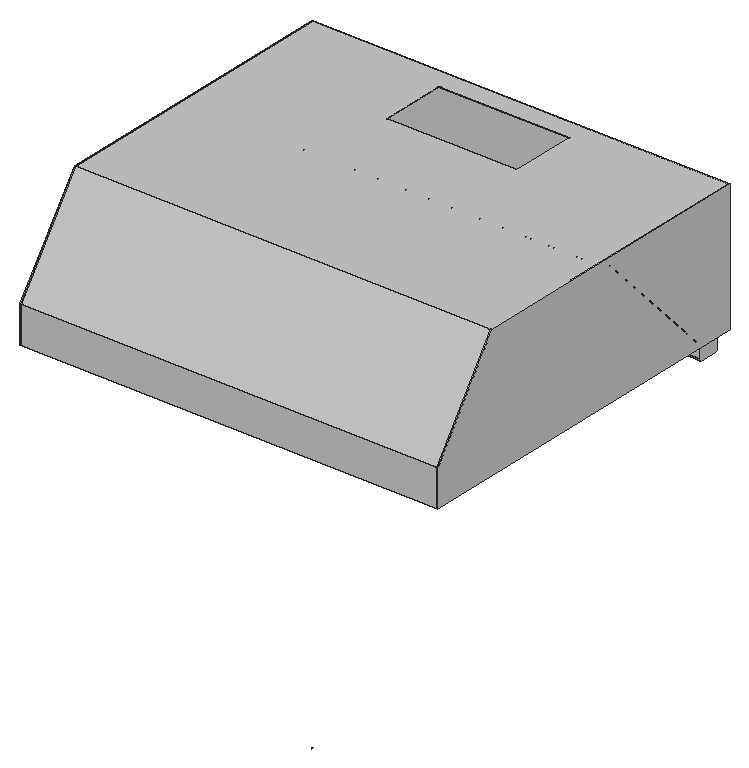
Revit family "QF_ELECTROLUXPROFESSIONAL_642158_BP1416BT", category Specialty Equipment, Revit 2014
Reference planes
  plane 1: z = 0
  plane 2 "Center (Left/Right)": x = 150
  plane 3 "LEFT": x = -650
  plane 4 "RIGHT": x = 950
  plane 5 "BACK": y = 550
  plane 6 "TOP": z = 2500
  plane 7 "Base": z = 2000
  plane 8: z = 1926
  plane 9 "DrainY": y = 485
  plane 10: x = -647
  plane 11: through (0, 414.509, 2000.8) normal (0, 0.7314, 0.682)
  plane 12: y = 470
  plane 13: y = 220
  plane 14 "DrainX": x = 832
  plane 15: x = 400
  plane 16: x = -100
  plane 17: x = 947
  plane 18: x = 742
  plane 19: x = 922
  plane 20: x = -610
  plane 21: x = -410
  plane 22: x = -10
  plane 23: x = 910
  plane 24: x = 710
  plane 25: x = 310
  plane 26: z = 2140
  plane 27: y = -590
  plane 28 "Center (Front/Back)": y = -150
  plane 29 "Front": y = -850
Forms (mm)
  Extrusion 1, solid, material "QF_Finishes_Stainless Steel"
    sketch origin (-650, 0, 360) x (0, 1, 0) y (0, 0, 1)
      loop
        line (550, 1640) -> (550, 2140) -> (-590, 2140) -> (-850, 1780) -> (-850, 1640) -> (550, 1640)
    from 0 to 3
  Extrusion 2, solid, material "QF_Finishes_Stainless Steel"
    sketch origin (150, 0, 360) x (0, 1, 0) y (0, 0, 1)
      loop
        line (415.255, 1640) -> (550, 1640) -> (550, 2139.19) -> (549.2, 2139.19) -> (549.2, 1640.8) -> (415.876, 1640.8) -> (339.347, 1722.867) -> (349.609, 1732.436) -> (348.927, 1733.167) -> (337.934, 1722.917) -> (415.255, 1640)
      loop
        line (-82.203, 2139.19) -> (-82.203, 2118.6) -> (-31.047, 2118.6) -> (34.354, 2048.466) -> (46.028, 2059.352) -> (45.346, 2060.083) -> (34.403, 2049.879) -> (-30.612, 2119.6) -> (-81.203, 2119.6) -> (-81.203, 2139.19) -> (-82.203, 2139.19)
    from -797 to 797
  Extrusion 3, solid, material "QF_Finishes_Stainless Steel"
    sketch origin (950, 0, 360) x (0, 1, 0) y (0, 0, 1)
      loop
        line (550, 1640) -> (550, 2140) -> (-590, 2140) -> (-850, 1780) -> (-850, 1640) -> (550, 1640)
    from 0 to -3
  Extrusion 4, solid, material "QF_Finishes_Stainless Steel"
    sketch origin (150, 0, 360) x (0, 1, 0) y (0, 0, 1)
      loop
        line (550, 2139.19) -> (550, 2140) -> (-590, 2140) -> (-850, 1780) -> (-850, 1640) -> (-849.2, 1640) -> (-849.2, 1779.741) -> (-589.598, 2139.19) -> (550, 2139.19)
    from -800 to 800
  Extrusion 5, solid, material "QF_Finishes_Stainless Steel"
    sketch origin (150, 0, 360) x (0, 1, 0) y (0, 0, 1)
      loop
        line (534, 1640) -> (436, 1640) -> (436, 1627) -> (443.5, 1627) -> (443.5, 1576)
        arc (443.5, 1576) -> (446.429, 1568.929) -> (453.5, 1566) r 10
        line (453.5, 1566) -> (516.5, 1566)
        arc (516.5, 1566) -> (523.571, 1568.929) -> (526.5, 1576) r 10
        line (526.5, 1576) -> (526.5, 1627) -> (534, 1627) -> (534, 1640)
    from 592 to 772
  Extrusion 6, solid, material "QF_Finishes_Stainless Steel"
    sketch origin (0, 0, 2000) x (0, 1, 0) y (-1, 0, 0)
      loop
        circle (485, -832) r 20
    from -76 to -74
  Extrusion 7, solid, material "QF_Finished_Chrome"
    sketch origin (150, 0, 360) x (0, 1, 0) y (0, 0, 1)
      loop
        line (337.934, 1722.917) -> (341.591, 1726.327) -> (38.011, 2051.876) -> (34.354, 2048.466) -> (337.934, 1722.917)
    from 160 to -160
  Extrusion 8, solid, material "QF_Finishes_Stainless Steel"
    sketch origin (150, 0, 360) x (0, 1, 0) y (0, 0, 1)
      loop
        line (337.934, 1722.917) -> (341.591, 1726.327) -> (38.011, 2051.876) -> (34.354, 2048.466) -> (337.934, 1722.917)
    from 797 to 760
  Extrusion 9, solid, material "QF_Finishes_Stainless Steel"
    sketch origin (150, 0, 360) x (0, 1, 0) y (0, 0, 1)
      loop
        line (341.588, 1726.324) -> (38.009, 2051.874) -> (34.354, 2048.466) -> (337.934, 1722.917) -> (341.588, 1726.324)
    from -560 to -160
  Extrusion 10, void
    sketch origin (700, 0, 2500) x (0, 1, 0) y (-1, 0, 0)
      loop
        line (470, 800) -> (220, 800) -> (220, 300) -> (470, 300) -> (470, 800)
    from 0 to -10
  Extrusion 11, solid, material "QF_Finishes_Stainless Steel"
    sketch origin (0, 0, 0) x (1, 0, 0) y (0, 1, 0)
      loop
        line (-650, 550) -> (-650, 549) -> (-649, 549) -> (-649, 550) -> (-650, 550)
    from 0 to 1
  Extrusion 12, solid, material "QF_Finishes_Stainless Steel"
    sketch origin (150, 0, 360) x (0, 1, 0) y (0, 0, 1)
      loop
        line (337.934, 1722.917) -> (341.591, 1726.327) -> (38.011, 2051.876) -> (34.354, 2048.466) -> (337.934, 1722.917)
    from -760 to -797
  Extrusion 13, solid, material "QF_Finishes_Stainless Steel"
    sketch origin (150, 0, 360) x (0, 1, 0) y (0, 0, -1)
      loop
        line (341.588, -1726.324) -> (337.934, -1722.917) -> (34.354, -2048.466) -> (38.009, -2051.874) -> (341.588, -1726.324)
    from -560 to -160
  Extrusion 14, solid, material "QF_Finished_Chrome"
    sketch origin (150, 0, 360) x (0, 1, 0) y (0, 0, 1)
      loop
        line (337.934, 1722.917) -> (341.591, 1726.327) -> (38.011, 2051.876) -> (34.354, 2048.466) -> (337.934, 1722.917)
    from -560 to -760
  Extrusion 15, solid, material "QF_Finished_Chrome"
    sketch origin (150, 0, 360) x (0, 1, 0) y (0, 0, 1)
      loop
        line (337.934, 1722.917) -> (341.591, 1726.327) -> (38.011, 2051.876) -> (34.354, 2048.466) -> (337.934, 1722.917)
    from 760 to 560
Cuts and joins
  Extrusion 10 cuts Extrusion 4
  joined: Extrusion 2, Extrusion 4
Lines and regions (mm)
  symbolic lines, style "SpecialityEquipment", detail levels coarse
    curve 1: line (950, 550, 2500) -> (-650, 550, 2500)
    curve 2: line (-650, 550, 2500) -> (-650, -850, 2500)
    curve 3: line (950, -850, 2500) -> (950, 550, 2500)
    curve 4: line (-100, 220, 2500) -> (400, 220, 2500)
    curve 5: line (-100, 470, 2500) -> (-100, 220, 2500)
    curve 6: line (400, 470, 2500) -> (-100, 470, 2500)
    curve 7: line (400, 220, 2500) -> (400, 470, 2500)
    curve 8: line (-650, -590, 0) -> (950, -590, 0)
    curve 9: line (-650, 550, 0) -> (950, -590, 0)
    curve 10: line (950, 550, 0) -> (-650, -590, 0)
    curve 11: line (-650, -850, 2500) -> (950, -850, 2500)
Dimensions and locks
  plane 3 "LEFT" to plane 4 "RIGHT" = 1600 mm
  equal spacing: plane 3 "LEFT", plane 2 "Center (Left/Right)", plane 4 "RIGHT"
  locked: plane 6 "TOP" to plane 7 "Base" at 500
  plane 7 "Base" to plane 8 = 74 mm
  plane 5 "BACK" to plane 9 "DrainY" = 65 mm  (x2)
  plane 3 "LEFT" to plane 10 = 3 mm
  plane 5 "BACK" to plane 12 = 80 mm
  plane 12 to plane 13 = 250 mm  (x2)
  plane 14 "DrainX" to plane 4 "RIGHT" = 118 mm
  plane 17 to plane 4 "RIGHT" = 3 mm
  locked: plane 18 to plane 14 "DrainX" at 90
  locked: plane 14 "DrainX" to plane 19 at 90
  plane 12 to plane 5 "BACK" = 80 mm
  plane 26 to plane 7 "Base" = 140 mm
  locked: plane 7 "Base" to level at 2000
  plane 5 "BACK" to plane 29 "Front" = 1400 mm  (x2)
  equal spacing: plane 5 "BACK", plane 28 "Center (Front/Back)", plane 29 "Front"
  locked: plane 16 to plane 15 at 500
  equal spacing: plane 22, plane 2 "Center (Left/Right)", plane 25
  equal spacing: plane 16, plane 2 "Center (Left/Right)", plane 15
  locked: plane 22 to plane 25 at 320
  locked: plane 3 "LEFT" to plane 20 at 40
  locked: plane 23 to plane 4 "RIGHT" at 40
  plane 21 to plane 22 = 400 mm
  plane 25 to plane 24 = 400 mm
  plane 20 to plane 21 = 200 mm
  plane 24 to plane 23 = 200 mm
  aligned and locked: level to plane 1
  aligned and locked: Extrusion 2 to Extrusion 1
  aligned and locked: Extrusion 2 to Extrusion 3
  aligned and locked: plane 4 "RIGHT" to Extrusion 4
  aligned and locked: Extrusion 4 to plane 3 "LEFT"
  aligned and locked: plane 17 to Extrusion 8
  aligned and locked: plane 16 to Extrusion 10
  aligned and locked: Extrusion 10 to plane 15
  aligned and locked: Extrusion 10 to plane 13
  aligned and locked: Extrusion 10 to plane 12
  aligned and locked: plane 19 to Extrusion 5
  aligned and locked: Extrusion 5 to plane 18
  aligned and locked: Extrusion 8 to plane 23
  aligned and locked: Extrusion 7 to plane 25
  aligned and locked: Extrusion 7 to plane 22
  aligned and locked: plane 22 to Extrusion 9
  aligned and locked: Extrusion 9 to plane 21
  aligned and locked: Extrusion 12 to plane 10
  aligned and locked: plane 20 to Extrusion 12
  aligned and locked: Extrusion 13 to plane 25
  aligned and locked: Extrusion 13 to plane 24
  aligned and locked: Extrusion 3 to plane 17
  aligned and locked: plane 21 to Extrusion 14
  aligned and locked: Extrusion 14 to plane 20
  aligned and locked: Extrusion 15 to plane 23
  aligned and locked: Extrusion 15 to plane 24
Automatic sketch dimensions
  curve 10 to plane 3 "LEFT" = 0 mm
  curve 9 to plane 3 "LEFT" = 0 mm
  curve 10 to plane 4 "RIGHT" = 0 mm
  curve 9 to plane 4 "RIGHT" = 0 mm
  plane 27 to curve 8 = 0 mm
  curve 10 to plane 5 "BACK" = 0 mm
  curve 9 to plane 5 "BACK" = 0 mm
  curve 11 to plane 3 "LEFT" = 0 mm
  curve 11 to plane 29 "Front" = 0 mm
  curve 4 to plane 13 = 0 mm
  plane 12 to curve 5 = 0 mm
  curve 2 to plane 5 "BACK" = 0 mm
  curve 1 to plane 4 "RIGHT" = 0 mm
  curve 7 to plane 15 = 0 mm
  curve 4 to plane 16 = 0 mm
  Extrusion 1 sketch curve to plane 7 "Base" = 0 mm
  Extrusion 1 sketch curve to plane 29 "Front" = 0 mm
  Extrusion 1 sketch curve to plane 6 "TOP" = 0 mm
  Extrusion 1 sketch curve to plane 27 = 0 mm
  Extrusion 1 sketch curve to plane 5 "BACK" = 0 mm
  Extrusion 1 sketch curve to plane 26 = 0 mm
  Extrusion 2 sketch curve to plane 11 = 0 mm  (x3)
  Extrusion 2 sketch curve to plane 7 "Base" = 0 mm
  plane 11 to Extrusion 2 sketch curve = 0 mm
  Extrusion 2 sketch curve to plane 5 "BACK" = 0 mm
  Extrusion 2 sketch curve to plane 26 = 47.564 mm
  Extrusion 2 sketch curve to Extrusion 2 sketch curve = 65.646 mm
  Extrusion 2 sketch curve to plane 26 = 46.833 mm
  Extrusion 2 sketch curve to plane 26 = 57.133 mm
  Extrusion 2 sketch curve to plane 6 "TOP" = 80.648 mm
  Extrusion 2 sketch curve to plane 13 = 173.972 mm
  Extrusion 2 sketch curve to plane 6 "TOP" = 79.917 mm
  Extrusion 2 sketch curve to plane 6 "TOP" = 90.121 mm
  Extrusion 2 sketch curve to plane 6 "TOP" = 20.4 mm
  Extrusion 2 sketch curve to plane 6 "TOP" = 21.4 mm
  Extrusion 2 sketch curve to plane 6 "TOP" = 0.81 mm  (x2)
  Extrusion 2 sketch curve to Extrusion 2 sketch curve = 50.156 mm
  Extrusion 2 sketch curve to Extrusion 2 sketch curve = 1 mm
  plane 7 "Base" to Extrusion 2 sketch curve = 0.8 mm
  Extrusion 2 sketch curve to plane 5 "BACK" = 0.8 mm
  Extrusion 3 sketch curve to plane 7 "Base" = 0 mm
  Extrusion 3 sketch curve to plane 29 "Front" = 0 mm
  Extrusion 3 sketch curve to plane 6 "TOP" = 0 mm
  Extrusion 3 sketch curve to plane 27 = 0 mm
  Extrusion 3 sketch curve to plane 5 "BACK" = 0 mm
  Extrusion 3 sketch curve to plane 26 = 0 mm
  Extrusion 4 sketch curve to plane 7 "Base" = 0 mm
  Extrusion 4 sketch curve to plane 29 "Front" = 0 mm
  Extrusion 4 sketch curve to plane 6 "TOP" = 0 mm
  Extrusion 4 sketch curve to plane 27 = 0 mm
  Extrusion 4 sketch curve to plane 5 "BACK" = 0 mm
  Extrusion 4 sketch curve to plane 26 = 0 mm
  Extrusion 4 sketch curve to plane 26 = 0.259 mm
  plane 29 "Front" to Extrusion 4 sketch curve = 0.8 mm
  Extrusion 4 sketch curve to plane 27 = 0.402 mm
  Extrusion 4 sketch curve to Extrusion 4 sketch curve = 0.81 mm
  Extrusion 5 sketch curve to plane 7 "Base" = 0 mm
  Extrusion 5 sketch curve to plane 8 = 0 mm
  Extrusion 5 sketch curve to plane 7 "Base" = 13 mm  (x2)
  plane 12 to Extrusion 5 sketch curve = 34 mm
  Extrusion 5 sketch curve to Extrusion 5 sketch curve = 7.5 mm  (x2)
  Extrusion 5 sketch curve to Extrusion 5 sketch curve = 10 mm
  plane 9 "DrainY" to Extrusion 5 sketch curve = 31.5 mm
  Extrusion 5 sketch curve to plane 5 "BACK" = 23.5 mm
  Extrusion 6 sketch curve to plane 9 "DrainY" = 0 mm
  Extrusion 6 sketch curve to plane 14 "DrainX" = 0 mm
  Extrusion 7 sketch curve to plane 11 = 0 mm  (x2)
  Extrusion 7 sketch curve to plane 6 "TOP" = 91.534 mm
  Extrusion 7 sketch curve to plane 6 "TOP" = 88.124 mm
  Extrusion 7 sketch curve to plane 26 = 57.083 mm
  Extrusion 8 sketch curve to plane 11 = 0 mm  (x2)
  Extrusion 8 sketch curve to plane 6 "TOP" = 91.534 mm
  Extrusion 8 sketch curve to plane 6 "TOP" = 88.124 mm
  Extrusion 8 sketch curve to plane 26 = 57.083 mm
  Extrusion 9 sketch curve to plane 11 = 0 mm  (x2)
  Extrusion 9 sketch curve to plane 6 "TOP" = 91.534 mm
  Extrusion 9 sketch curve to plane 6 "TOP" = 88.126 mm
  Extrusion 9 sketch curve to plane 26 = 57.083 mm
  Extrusion 10 sketch curve to plane 13 = 0 mm
  plane 12 to Extrusion 10 sketch curve = 0 mm
  Extrusion 10 sketch curve to plane 15 = 0 mm
  Extrusion 10 sketch curve to plane 16 = 0 mm
  Extrusion 11 sketch curve to plane 3 "LEFT" = 0 mm
  Extrusion 11 sketch curve to plane 5 "BACK" = 0 mm
  plane 3 "LEFT" to Extrusion 11 sketch curve = 1 mm
  Extrusion 11 sketch curve to Extrusion 11 sketch curve = 1 mm
  Extrusion 12 sketch curve to plane 11 = 0 mm  (x2)
  Extrusion 12 sketch curve to plane 6 "TOP" = 91.534 mm
  Extrusion 12 sketch curve to plane 6 "TOP" = 88.124 mm
  Extrusion 12 sketch curve to plane 26 = 57.083 mm
  Extrusion 13 sketch curve to plane 11 = 0 mm  (x2)
  Extrusion 13 sketch curve to plane 6 "TOP" = 91.534 mm
  Extrusion 13 sketch curve to plane 6 "TOP" = 88.126 mm
  Extrusion 13 sketch curve to plane 26 = 57.083 mm
  Extrusion 14 sketch curve to plane 11 = 0 mm  (x2)
  Extrusion 14 sketch curve to plane 6 "TOP" = 91.534 mm
  Extrusion 14 sketch curve to plane 6 "TOP" = 88.124 mm
  Extrusion 14 sketch curve to plane 26 = 57.083 mm
  Extrusion 15 sketch curve to plane 11 = 0 mm  (x2)
  Extrusion 15 sketch curve to plane 6 "TOP" = 91.534 mm
  Extrusion 15 sketch curve to plane 6 "TOP" = 88.124 mm
  Extrusion 15 sketch curve to plane 26 = 57.083 mm
  radius of Extrusion 6 sketch curve = 20 mm
Connectors
  piping at (832, 485, 1924), diameter 20
    settings: on Extrusion 6, index 1, connector inside diameter 609.6 mm, connector length 0 mm, flow factor 0, pipe flow 0.0 L/s, pressure drop 0.0 Pa, fitting loss kfactor 0, connector angle 0.00°, fixture units 0, engagement length 0 mm, angle of deflection 0.00°, flow configuration 1, flow direction 2, fitting loss method 0, system type 16, joint type 0, gender type 0, connector reference index -1, connector utility 0, adjustable connector no, is connector primary yes, connector description "Drain"
  hvac at (150, 345, 2500)
    settings: on Extrusion 10, index 2, duct flow 0.0 L/s, flow factor 0, pres drop 0.0 Pa, loss coef 0, conn angle 0.00°, conn width 250 mm, conn height 500 mm, conn diameter 609.6 mm, duct sys type 3, conn prof type 1, flow config 1, flow direction 0, loss method 0, conn ref index -1, conn util no, is conn primary yes, conn desc "EXHAUST OUTLET"
